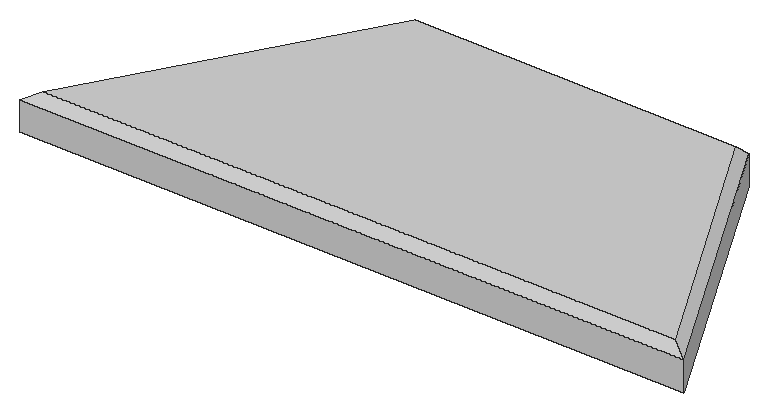
Revit family "LARGE TRAPEZIOD", category Specialty Equipment, Revit 2023
Family settings
  Round Connector Dimension = Use Diameter
  Part Type = Normal
  OmniClass Number = 23.35.00.00
  OmniClass Title = Covering, Cladding, and Finishes
  Work Plane-Based = Yes
  Enable Cutting in Views = Yes
  Always vertical = No
  Cut with Voids When Loaded = No
  Maintain Annotation Orientation = No
  Shared = No
  Room Calculation Point = No
Parameters (values of type "1-3/8 inch thick Primed White")
  URL = "https://www.acousticalsurfaces.com/envirocoustic-wood-wool/shapes/"
  Type Comments = "Acoustic Panels"
  Thickness = 0' - 1 3/8"
  Recycled Content Percentage = "0%"
  Model = "Envirocoustic Wood Wool"
  Material = "Envirocoustic Wood Wool"
  Manufacturer = "Acoustical Surfaces, Inc."
  Fire Rating = "ASTM E84 - Class A"
  Finish = Paint - Acoustical-Surfaces - Primed White
  Description = "Acoustic Panels"
  Default Elevation = 0' - 0"
  Assembly Code = "C30"
  Acoustics - NRC = "Sound absorption varies from NRC 0.45 to 0.95 based on installation method used when tested per ASTM C423."
Types (9): name | Thickness | Finish
  1-3/8 inch thick Primed White | 0' - 1 3/8" | Paint - Acoustical-Surfaces - Primed White
  1-3/8 inch thick Primed Clear | 0' - 1 3/8" | Paint - Acoustical-Surfaces - Primed Clear
  1-3/8 inch thick Custom Painted | 0' - 1 3/8" | Paint - Acoustical-Surfaces - Custom Painted
  2 inch thick Primed White | 0' - 2" | Paint - Acoustical-Surfaces - Primed White
  2 inch thick Primed Clear | 0' - 2" | Paint - Acoustical-Surfaces - Primed Clear
  2 inch thick Custom Painted | 0' - 2" | Paint - Acoustical-Surfaces - Custom Painted
  1 inch thick Primed White | 0' - 1" | Paint - Acoustical-Surfaces - Primed White
  1 inch thick Primed Clear | 0' - 1" | Paint - Acoustical-Surfaces - Primed Clear
  1 inch thick Custom Painted | 0' - 1" | Paint - Acoustical-Surfaces - Custom Painted
Reference planes (in)
  plane 1 "Center (Front/Back)": y = 0
  plane 2: z = 0
  plane 3 "Center (Left/Right)": x = 0
  plane 4: z = 1.375
  plane 5: z = -1
  plane 6: x = -12
  plane 7: x = 12
Forms (in)
  Extrusion 1, solid, material "Paint - Acoustical-Surfaces - Primed White" <- "Finish"
    sketch origin (-2.75421, -1.46603, 0) x (1, 0, 0) y (0, 1, 0)
      loop
        line (14.75421, 1.46603) -> (8.75421, 11.85834) -> (-3.24579, 11.85834) -> (-9.24579, 1.46603) -> (14.75421, 1.46603)
    from 0 to 1.375
  Sweep 2, void
    path origin (-2.75421, -1.46603, 1.375) x (1, 0, 0) y (0, 1, 0)
      loop
        line (8.75421, 11.85834) -> (-3.24579, 11.85834) -> (-9.24579, 1.46603) -> (14.75421, 1.46603) -> (8.75421, 11.85834)
    profile "Triangle : Family2" origin (0, 10.3923, 1.375) x (0, -1, 0) y (0, 0, 1)
      loop
        line (0, 0) -> (0, -0.315) -> (0.315, 0) -> (0, 0)
Cuts and joins
  Sweep 2 cuts Extrusion 1
Dimensions and locks (in)
  "Thickness": plane 4 to level
  level to plane 5 = 0' - 1"
  aligned and locked: level to plane 2
  aligned and locked: Extrusion 1 to plane 4
Automatic sketch dimensions
  Sweep 2 sketch curve to Extrusion 1 = 0' - 0"  (x6)
  Extrusion 1 sketch curve to plane 3 "Center (Left/Right)" = 0' - 6"
  plane 3 "Center (Left/Right)" to Extrusion 1 sketch curve = 0' - 6"
  Extrusion 1 sketch curve to plane 1 "Center (Front/Back)" = 0' - 10.3923"
  plane 1 "Center (Front/Back)" to Extrusion 1 sketch curve = 0' - 0"
  Extrusion 1 sketch curve to plane 3 "Center (Left/Right)" = 1' - 0"
  Extrusion 1 sketch curve to Extrusion 1 sketch curve = 0' - 6"
